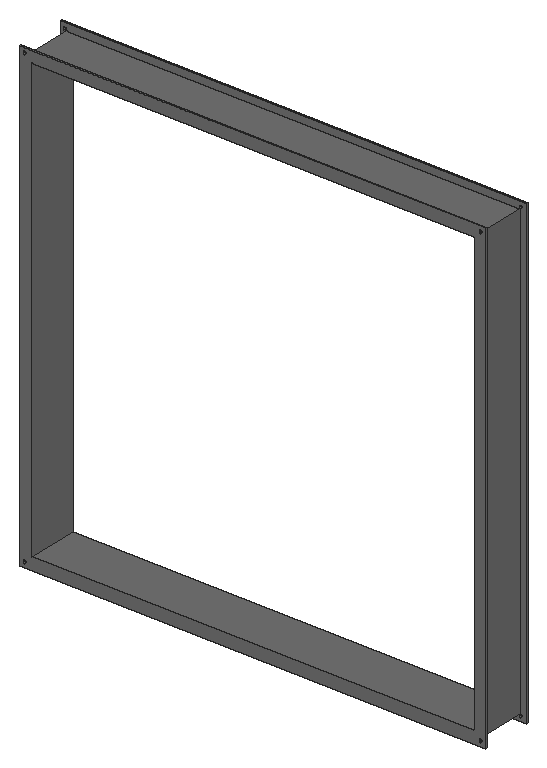
Revit family "19.Гибкая вставка ANR B1", category Оборудование, Revit 2016 (continued)
Definition of nested family "УГО гибкая вставка №25 (разрез)"
  Lines and regions (mm)
    model lines, not visible
      curve 159: line (-75, 0, 922) -> (75, 0, 797)
      curve 160: line (-75, 0, 822) -> (75, 0, 697)
      curve 161: line (-75, 0, 722) -> (75, 0, 597)
      curve 162: line (-75, 0, 622) -> (75, 0, 497)
      curve 163: line (-75, 0, 522) -> (75, 0, 397)
      curve 164: line (-75, 0, 422) -> (75, 0, 297)
      curve 165: line (-75, 0, 322) -> (75, 0, 197)
      curve 166: line (-75, 0, 222) -> (75, 0, 97)
      curve 167: line (-75, 0, 122) -> (75, 0, -3)
      curve 168: line (-75, 0, 1022) -> (75, 0, 897)
      curve 169: line (75, 0, 1322) -> (-75, 0, 1197)
      curve 170: line (75, 0, 1222) -> (-75, 0, 1097)
      curve 171: line (75, 0, 1122) -> (-75, 0, 997)
      curve 172: line (-75, 0, 1222) -> (75, 0, 1097)
      curve 173: line (-75, 0, 1122) -> (75, 0, 997)
      curve 174: line (-75, 0, 1322) -> (75, 0, 1197)
      curve 175: line (75, 0, 1522) -> (-75, 0, 1397)
      curve 176: line (75, 0, 1422) -> (-75, 0, 1297)
      curve 177: line (-75, 0, 1522) -> (75, 0, 1397)
      curve 178: line (-75, 0, 1422) -> (75, 0, 1297)
      curve 179: line (75, 0, 1822) -> (-75, 0, 1697)
      curve 180: line (75, 0, 1722) -> (-75, 0, 1597)
      curve 181: line (75, 0, 1622) -> (-75, 0, 1497)
      curve 182: line (-75, 0, 1722) -> (75, 0, 1597)
      curve 183: line (-75, 0, 1622) -> (75, 0, 1497)
      curve 184: line (-75, 0, 1822) -> (75, 0, 1697)
      curve 185: line (10.2, 0, 1968) -> (-75, 0, 1897)
      curve 186: line (75, 0, 1922) -> (-75, 0, 1797)
      curve 187: line (-10.2, 0, 1968) -> (75, 0, 1897)
      curve 188: line (-75, 0, 1922) -> (75, 0, 1797)
  Dimensions and locks
    equal spacing: plane 5, plane 3 "По центру (Влево/Вправо)", plane 6
    "длина": plane 5 to plane 6
    "высота": plane 4 to level
    equal spacing: plane 4, plane 7, plane 2
    aligned and locked: level to plane 2
  Automatic sketch dimensions
    curve 1 to level = 0 mm
    curve 1 to plane 6 = 0 mm
    curve 3 to plane 4 = 0 mm
    curve 3 to plane 5 = 0 mm
Definition of nested family "УГО гибкая вставка №30 (разрез)"
  Parameters (values of type "УГО гибкая вставка №30 (разрез)")
    длина [instance] = 150 mm
    высота [instance] = 1968 mm
    Ширина [instance] = 410 mm
    Частота вращения n, об/мин = ""
    Тип, марка, обозначение = ""
    Сила тока J, А = ""
    Раздел = ""
    Примечание = ""
    Позиция = ""
    Default Elevation = 1219.2 mm
    Напряжение U,В = ""
    Наименование и тех.хар-ка = ""
    Мощность двигателя N,Вт = ""
    Материал = none
    Масса единицы = ""
    Код, оборудования = ""
    Keynote = ""
    Завод изготовитель = ""
    Единица измерения = ""
    Диаметр = 110 mm
  Reference planes
    plane 1 "По центру (Вперед/Назад)": y = 0
    plane 2: z = 0
    plane 3 "По центру (Влево/Вправо)": x = 0
    plane 4: z = 1968
    plane 5: x = 75
    plane 6: x = -75
    plane 7: z = 984
  Lines and regions (mm)
    model lines
      curve 1: line (-75, 0, 0) -> (75, 0, 0)
      curve 2: line (-75, 0, 1968) -> (-75, 0, 0)
      curve 3: line (75, 0, 1968) -> (-75, 0, 1968)
      curve 4: line (75, 0, 0) -> (75, 0, 1968)
      curve 31: line (75, 0, 1022) -> (-75, 0, 897)
      curve 32: line (75, 0, 922) -> (-75, 0, 797)
      curve 33: line (75, 0, 822) -> (-75, 0, 697)
      curve 34: line (75, 0, 722) -> (-75, 0, 597)
      curve 35: line (75, 0, 622) -> (-75, 0, 497)
      curve 36: line (75, 0, 522) -> (-75, 0, 397)
      curve 37: line (75, 0, 422) -> (-75, 0, 297)
      curve 38: line (75, 0, 322) -> (-75, 0, 197)
      curve 39: line (75, 0, 222) -> (-75, 0, 97)
      curve 40: line (75, 0, 122) -> (-75, 0, -3)
      curve 41: line (-75, 0, 922) -> (75, 0, 797)
      curve 42: line (-75, 0, 822) -> (75, 0, 697)
      curve 43: line (-75, 0, 722) -> (75, 0, 597)
      curve 44: line (-75, 0, 622) -> (75, 0, 497)
      curve 45: line (-75, 0, 522) -> (75, 0, 397)
      curve 46: line (-75, 0, 422) -> (75, 0, 297)
      curve 47: line (-75, 0, 322) -> (75, 0, 197)
      curve 48: line (-75, 0, 222) -> (75, 0, 97)
      curve 49: line (-75, 0, 122) -> (75, 0, -3)
      curve 50: line (-75, 0, 1022) -> (75, 0, 897)
      curve 71: line (75, 0, 1322) -> (-75, 0, 1197)
      curve 72: line (75, 0, 1222) -> (-75, 0, 1097)
      curve 73: line (75, 0, 1122) -> (-75, 0, 997)
      curve 74: line (-75, 0, 1222) -> (75, 0, 1097)
      curve 75: line (-75, 0, 1122) -> (75, 0, 997)
      curve 76: line (-75, 0, 1322) -> (75, 0, 1197)
      curve 103: line (75, 0, 1522) -> (-75, 0, 1397)
      curve 104: line (75, 0, 1422) -> (-75, 0, 1297)
      curve 105: line (-75, 0, 1522) -> (75, 0, 1397)
      curve 106: line (-75, 0, 1422) -> (75, 0, 1297)
      curve 139: line (75, 0, 1822) -> (-75, 0, 1697)
      curve 140: line (75, 0, 1722) -> (-75, 0, 1597)
      curve 141: line (75, 0, 1622) -> (-75, 0, 1497)
      curve 142: line (-75, 0, 1722) -> (75, 0, 1597)
      curve 143: line (-75, 0, 1622) -> (75, 0, 1497)
      curve 144: line (-75, 0, 1822) -> (75, 0, 1697)
      curve 145: line (10.2, 0, 1968) -> (-75, 0, 1897)
      curve 146: line (75, 0, 1922) -> (-75, 0, 1797)
      curve 147: line (-10.2, 0, 1968) -> (75, 0, 1897)
      curve 148: line (-75, 0, 1922) -> (75, 0, 1797)
    model lines, not visible
      curve 5: line (63.964, 0, 624.61) -> (63.964, 0, 608.219)
      curve 6: line (63.964, 0, 608.219) -> (-88.681, 0, 555.659)
      curve 7: line (-88.681, 0, 555.659) -> (-88.681, 0, 524.267)
      curve 8: line (63.964, 0, 471.707) -> (-88.681, 0, 524.267)
      curve 9: line (63.964, 0, 471.707) -> (63.964, 0, 455.315)
      curve 10: line (63.964, 0, 455.315) -> (-88.681, 0, 402.755)
      curve 11: line (-88.681, 0, 402.755) -> (-88.681, 0, 371.363)
      curve 12: line (63.964, 0, 318.804) -> (-88.681, 0, 371.363)
      curve 13: line (63.964, 0, 318.804) -> (63.964, 0, 302.412)
      curve 14: line (63.964, 0, 302.412) -> (-88.681, 0, 249.852)
      curve 15: line (-88.681, 0, 249.852) -> (-88.681, 0, 218.46)
      curve 16: line (63.964, 0, 165.9) -> (-88.681, 0, 218.46)
      curve 17: line (63.964, 0, 165.9) -> (63.964, 0, 149.508)
      curve 18: line (63.964, 0, 149.508) -> (-88.681, 0, 96.948)
      curve 19: line (-88.681, 0, 96.948) -> (-88.681, 0, 65.557)
      curve 20: line (63.964, 0, 12.997) -> (-88.681, 0, 65.557)
      curve 21: circle (0, 0, 250) r 25 normal (0, -1, 0)
      curve 22: line (31.82, 0, 281.82) -> (-31.82, 0, 218.18)
      curve 23: circle (0, 0, 352.5) r 25 normal (0, -1, 0)
      curve 24: line (31.82, 0, 384.32) -> (-31.82, 0, 320.68)
      curve 25: circle (0, 0, 450) r 25 normal (0, -1, 0)
      curve 26: line (31.82, 0, 481.82) -> (-31.82, 0, 418.18)
      curve 27: circle (0, 0, 50.755) r 25 normal (0, -1, 0)
      curve 28: line (31.82, 0, 82.575) -> (-31.82, 0, 18.935)
      curve 29: circle (0, 0, 148.255) r 25 normal (0, -1, 0)
      curve 30: line (31.82, 0, 180.075) -> (-31.82, 0, 116.435)
      curve 51: line (75, 0, 1022) -> (-75, 0, 897)
      curve 52: line (75, 0, 922) -> (-75, 0, 797)
      curve 53: line (75, 0, 822) -> (-75, 0, 697)
      curve 54: line (75, 0, 722) -> (-75, 0, 597)
      curve 55: line (75, 0, 622) -> (-75, 0, 497)
      curve 56: line (75, 0, 522) -> (-75, 0, 397)
      curve 57: line (75, 0, 422) -> (-75, 0, 297)
      curve 58: line (75, 0, 322) -> (-75, 0, 197)
      curve 59: line (75, 0, 222) -> (-75, 0, 97)
      curve 60: line (75, 0, 122) -> (-75, 0, -3)
      curve 61: line (-75, 0, 922) -> (75, 0, 797)
      curve 62: line (-75, 0, 822) -> (75, 0, 697)
      curve 63: line (-75, 0, 722) -> (75, 0, 597)
      curve 64: line (-75, 0, 622) -> (75, 0, 497)
      curve 65: line (-75, 0, 522) -> (75, 0, 397)
      curve 66: line (-75, 0, 422) -> (75, 0, 297)
      curve 67: line (-75, 0, 322) -> (75, 0, 197)
      curve 68: line (-75, 0, 222) -> (75, 0, 97)
      curve 69: line (-75, 0, 122) -> (75, 0, -3)
      curve 70: line (-75, 0, 1022) -> (75, 0, 897)
      curve 77: line (75, 0, 1022) -> (-75, 0, 897)
      curve 78: line (75, 0, 922) -> (-75, 0, 797)
      curve 79: line (75, 0, 822) -> (-75, 0, 697)
      curve 80: line (75, 0, 722) -> (-75, 0, 597)
      curve 81: line (75, 0, 622) -> (-75, 0, 497)
      curve 82: line (75, 0, 522) -> (-75, 0, 397)
      curve 83: line (75, 0, 422) -> (-75, 0, 297)
      curve 84: line (75, 0, 322) -> (-75, 0, 197)
      curve 85: line (75, 0, 222) -> (-75, 0, 97)
      curve 86: line (75, 0, 122) -> (-75, 0, -3)
      curve 87: line (-75, 0, 922) -> (75, 0, 797)
      curve 88: line (-75, 0, 822) -> (75, 0, 697)
      curve 89: line (-75, 0, 722) -> (75, 0, 597)
      curve 90: line (-75, 0, 622) -> (75, 0, 497)
      curve 91: line (-75, 0, 522) -> (75, 0, 397)
      curve 92: line (-75, 0, 422) -> (75, 0, 297)
      curve 93: line (-75, 0, 322) -> (75, 0, 197)
      curve 94: line (-75, 0, 222) -> (75, 0, 97)
      curve 95: line (-75, 0, 122) -> (75, 0, -3)
      curve 96: line (-75, 0, 1022) -> (75, 0, 897)
      curve 97: line (75, 0, 1322) -> (-75, 0, 1197)
      curve 98: line (75, 0, 1222) -> (-75, 0, 1097)
      curve 99: line (75, 0, 1122) -> (-75, 0, 997)
      curve 100: line (-75, 0, 1222) -> (75, 0, 1097)
      curve 101: line (-75, 0, 1122) -> (75, 0, 997)
      curve 102: line (-75, 0, 1322) -> (75, 0, 1197)
      curve 107: line (75, 0, 1022) -> (-75, 0, 897)
      curve 108: line (75, 0, 922) -> (-75, 0, 797)
      curve 109: line (75, 0, 822) -> (-75, 0, 697)
      curve 110: line (75, 0, 722) -> (-75, 0, 597)
      curve 111: line (75, 0, 622) -> (-75, 0, 497)
      curve 112: line (75, 0, 522) -> (-75, 0, 397)
      curve 113: line (75, 0, 422) -> (-75, 0, 297)
      curve 114: line (75, 0, 322) -> (-75, 0, 197)
      curve 115: line (75, 0, 222) -> (-75, 0, 97)
      curve 116: line (75, 0, 122) -> (-75, 0, -3)
      curve 117: line (-75, 0, 922) -> (75, 0, 797)
      curve 118: line (-75, 0, 822) -> (75, 0, 697)
      curve 119: line (-75, 0, 722) -> (75, 0, 597)
      curve 120: line (-75, 0, 622) -> (75, 0, 497)
      curve 121: line (-75, 0, 522) -> (75, 0, 397)
      curve 122: line (-75, 0, 422) -> (75, 0, 297)
      curve 123: line (-75, 0, 322) -> (75, 0, 197)
      curve 124: line (-75, 0, 222) -> (75, 0, 97)
      curve 125: line (-75, 0, 122) -> (75, 0, -3)
      curve 126: line (-75, 0, 1022) -> (75, 0, 897)
      curve 127: line (75, 0, 1322) -> (-75, 0, 1197)
      curve 128: line (75, 0, 1222) -> (-75, 0, 1097)
      curve 129: line (75, 0, 1122) -> (-75, 0, 997)
      curve 130: line (-75, 0, 1222) -> (75, 0, 1097)
      curve 131: line (-75, 0, 1122) -> (75, 0, 997)
      curve 132: line (-75, 0, 1322) -> (75, 0, 1197)
      curve 133: line (27, 0, 1582) -> (-75, 0, 1497)
      curve 134: line (75, 0, 1522) -> (-75, 0, 1397)
      curve 135: line (75, 0, 1422) -> (-75, 0, 1297)
      curve 136: line (-75, 0, 1522) -> (75, 0, 1397)
      curve 137: line (-75, 0, 1422) -> (75, 0, 1297)
      curve 138: line (-27, 0, 1582) -> (75, 0, 1497)
      curve 149: line (75, 0, 1022) -> (-75, 0, 897)
      curve 150: line (75, 0, 922) -> (-75, 0, 797)
      curve 151: line (75, 0, 822) -> (-75, 0, 697)
      curve 152: line (75, 0, 722) -> (-75, 0, 597)
      curve 153: line (75, 0, 622) -> (-75, 0, 497)
      curve 154: line (75, 0, 522) -> (-75, 0, 397)
      curve 155: line (75, 0, 422) -> (-75, 0, 297)
      curve 156: line (75, 0, 322) -> (-75, 0, 197)
      curve 157: line (75, 0, 222) -> (-75, 0, 97)
      curve 158: line (75, 0, 122) -> (-75, 0, -3)
      curve 159: line (-75, 0, 922) -> (75, 0, 797)
      curve 160: line (-75, 0, 822) -> (75, 0, 697)
      curve 161: line (-75, 0, 722) -> (75, 0, 597)
      curve 162: line (-75, 0, 622) -> (75, 0, 497)
      curve 163: line (-75, 0, 522) -> (75, 0, 397)
      curve 164: line (-75, 0, 422) -> (75, 0, 297)
      curve 165: line (-75, 0, 322) -> (75, 0, 197)
      curve 166: line (-75, 0, 222) -> (75, 0, 97)
      curve 167: line (-75, 0, 122) -> (75, 0, -3)
      curve 168: line (-75, 0, 1022) -> (75, 0, 897)
      curve 169: line (75, 0, 1322) -> (-75, 0, 1197)
      curve 170: line (75, 0, 1222) -> (-75, 0, 1097)
      curve 171: line (75, 0, 1122) -> (-75, 0, 997)
      curve 172: line (-75, 0, 1222) -> (75, 0, 1097)
      curve 173: line (-75, 0, 1122) -> (75, 0, 997)
      curve 174: line (-75, 0, 1322) -> (75, 0, 1197)
      curve 175: line (75, 0, 1522) -> (-75, 0, 1397)
      curve 176: line (75, 0, 1422) -> (-75, 0, 1297)
      curve 177: line (-75, 0, 1522) -> (75, 0, 1397)
      curve 178: line (-75, 0, 1422) -> (75, 0, 1297)
      curve 179: line (75, 0, 1822) -> (-75, 0, 1697)
      curve 180: line (75, 0, 1722) -> (-75, 0, 1597)
      curve 181: line (75, 0, 1622) -> (-75, 0, 1497)
      curve 182: line (-75, 0, 1722) -> (75, 0, 1597)
      curve 183: line (-75, 0, 1622) -> (75, 0, 1497)
      curve 184: line (-75, 0, 1822) -> (75, 0, 1697)
      curve 185: line (10.2, 0, 1968) -> (-75, 0, 1897)
      curve 186: line (75, 0, 1922) -> (-75, 0, 1797)
      curve 187: line (-10.2, 0, 1968) -> (75, 0, 1897)
      curve 188: line (-75, 0, 1922) -> (75, 0, 1797)
  Dimensions and locks
    equal spacing: plane 5, plane 3 "По центру (Влево/Вправо)", plane 6
    "длина": plane 5 to plane 6
    "высота": plane 4 to level
    equal spacing: plane 4, plane 7, plane 2
    aligned and locked: level to plane 2
  Automatic sketch dimensions
    curve 1 to level = 0 mm
    curve 1 to plane 6 = 0 mm
    curve 3 to plane 4 = 0 mm
    curve 3 to plane 5 = 0 mm
Definition of nested family "УГО гибкая вставка №35 (разрез)"
  Parameters (values of type "УГО гибкая вставка №35 (разрез)")
    длина [instance] = 150 mm
    высота [instance] = 2408 mm
    Ширина [instance] = 410 mm
    Частота вращения n, об/мин = ""
    Тип, марка, обозначение = ""
    Сила тока J, А = ""
    Раздел = ""
    Примечание = ""
    Позиция = ""
    Default Elevation = 1219.2 mm
    Напряжение U,В = ""
    Наименование и тех.хар-ка = ""
    Мощность двигателя N,Вт = ""
    Материал = none
    Масса единицы = ""
    Код, оборудования = ""
    Keynote = ""
    Завод изготовитель = ""
    Единица измерения = ""
    Диаметр = 110 mm
  Reference planes
    plane 1 "По центру (Вперед/Назад)": y = 0
    plane 2: z = 0
    plane 3 "По центру (Влево/Вправо)": x = 0
    plane 4: z = 2408
    plane 5: x = 75
    plane 6: x = -75
    plane 7: z = 1204
  Lines and regions (mm)
    model lines
      curve 1: line (-75, 0, 0) -> (75, 0, 0)
      curve 2: line (-75, 0, 2408) -> (-75, 0, 0)
      curve 3: line (75, 0, 2408) -> (-75, 0, 2408)
      curve 4: line (75, 0, 0) -> (75, 0, 2408)
      curve 31: line (75, 0, 1022) -> (-75, 0, 897)
      curve 32: line (75, 0, 922) -> (-75, 0, 797)
      curve 33: line (75, 0, 822) -> (-75, 0, 697)
      curve 34: line (75, 0, 722) -> (-75, 0, 597)
      curve 35: line (75, 0, 622) -> (-75, 0, 497)
      curve 36: line (75, 0, 522) -> (-75, 0, 397)
      curve 37: line (75, 0, 422) -> (-75, 0, 297)
      curve 38: line (75, 0, 322) -> (-75, 0, 197)
      curve 39: line (75, 0, 222) -> (-75, 0, 97)
      curve 40: line (75, 0, 122) -> (-75, 0, -3)
      curve 41: line (-75, 0, 922) -> (75, 0, 797)
      curve 42: line (-75, 0, 822) -> (75, 0, 697)
      curve 43: line (-75, 0, 722) -> (75, 0, 597)
      curve 44: line (-75, 0, 622) -> (75, 0, 497)
      curve 45: line (-75, 0, 522) -> (75, 0, 397)
      curve 46: line (-75, 0, 422) -> (75, 0, 297)
      curve 47: line (-75, 0, 322) -> (75, 0, 197)
      curve 48: line (-75, 0, 222) -> (75, 0, 97)
      curve 49: line (-75, 0, 122) -> (75, 0, -3)
      curve 50: line (-75, 0, 1022) -> (75, 0, 897)
      curve 71: line (75, 0, 1322) -> (-75, 0, 1197)
      curve 72: line (75, 0, 1222) -> (-75, 0, 1097)
      curve 73: line (75, 0, 1122) -> (-75, 0, 997)
      curve 74: line (-75, 0, 1222) -> (75, 0, 1097)
      curve 75: line (-75, 0, 1122) -> (75, 0, 997)
      curve 76: line (-75, 0, 1322) -> (75, 0, 1197)
      curve 103: line (75, 0, 1522) -> (-75, 0, 1397)
      curve 104: line (75, 0, 1422) -> (-75, 0, 1297)
      curve 105: line (-75, 0, 1522) -> (75, 0, 1397)
      curve 106: line (-75, 0, 1422) -> (75, 0, 1297)
      curve 139: line (75, 0, 1822) -> (-75, 0, 1697)
      curve 140: line (75, 0, 1722) -> (-75, 0, 1597)
      curve 141: line (75, 0, 1622) -> (-75, 0, 1497)
      curve 142: line (-75, 0, 1722) -> (75, 0, 1597)
      curve 143: line (-75, 0, 1622) -> (75, 0, 1497)
      curve 144: line (-75, 0, 1822) -> (75, 0, 1697)
      curve 145: line (75, 0, 1922) -> (-75, 0, 1797)
      curve 146: line (-75, 0, 1922) -> (75, 0, 1797)
      curve 185: line (75, 0, 2022) -> (-75, 0, 1897)
      curve 186: line (-75, 0, 2022) -> (75, 0, 1897)
      curve 187: line (75, 0, 2122) -> (-75, 0, 1997)
      curve 188: line (-75, 0, 2122) -> (75, 0, 1997)
      curve 189: line (75, 0, 2222) -> (-75, 0, 2097)
      curve 190: line (-75, 0, 2222) -> (75, 0, 2097)
      curve 191: line (75, 0, 2322) -> (-75, 0, 2197)
      curve 192: line (-75, 0, 2322) -> (75, 0, 2197)
      curve 193: line (58.2, 0, 2408) -> (-75, 0, 2297)
      curve 194: line (-58.2, 0, 2408) -> (75, 0, 2297)
    model lines, not visible
      curve 5: line (63.964, 0, 624.61) -> (63.964, 0, 608.219)
      curve 6: line (63.964, 0, 608.219) -> (-88.681, 0, 555.659)
      curve 7: line (-88.681, 0, 555.659) -> (-88.681, 0, 524.267)
      curve 8: line (63.964, 0, 471.707) -> (-88.681, 0, 524.267)
      curve 9: line (63.964, 0, 471.707) -> (63.964, 0, 455.315)
      curve 10: line (63.964, 0, 455.315) -> (-88.681, 0, 402.755)
      curve 11: line (-88.681, 0, 402.755) -> (-88.681, 0, 371.363)
      curve 12: line (63.964, 0, 318.804) -> (-88.681, 0, 371.363)
      curve 13: line (63.964, 0, 318.804) -> (63.964, 0, 302.412)
      curve 14: line (63.964, 0, 302.412) -> (-88.681, 0, 249.852)
      curve 15: line (-88.681, 0, 249.852) -> (-88.681, 0, 218.46)
      curve 16: line (63.964, 0, 165.9) -> (-88.681, 0, 218.46)
      curve 17: line (63.964, 0, 165.9) -> (63.964, 0, 149.508)
      curve 18: line (63.964, 0, 149.508) -> (-88.681, 0, 96.948)
      curve 19: line (-88.681, 0, 96.948) -> (-88.681, 0, 65.557)
      curve 20: line (63.964, 0, 12.997) -> (-88.681, 0, 65.557)
      curve 21: circle (0, 0, 250) r 25 normal (0, -1, 0)
      curve 22: line (31.82, 0, 281.82) -> (-31.82, 0, 218.18)
      curve 23: circle (0, 0, 352.5) r 25 normal (0, -1, 0)
      curve 24: line (31.82, 0, 384.32) -> (-31.82, 0, 320.68)
      curve 25: circle (0, 0, 450) r 25 normal (0, -1, 0)
      curve 26: line (31.82, 0, 481.82) -> (-31.82, 0, 418.18)
      curve 27: circle (0, 0, 50.755) r 25 normal (0, -1, 0)
      curve 28: line (31.82, 0, 82.575) -> (-31.82, 0, 18.935)
      curve 29: circle (0, 0, 148.255) r 25 normal (0, -1, 0)
      curve 30: line (31.82, 0, 180.075) -> (-31.82, 0, 116.435)
      curve 51: line (75, 0, 1022) -> (-75, 0, 897)
      curve 52: line (75, 0, 922) -> (-75, 0, 797)
      curve 53: line (75, 0, 822) -> (-75, 0, 697)
      curve 54: line (75, 0, 722) -> (-75, 0, 597)
      curve 55: line (75, 0, 622) -> (-75, 0, 497)
      curve 56: line (75, 0, 522) -> (-75, 0, 397)
      curve 57: line (75, 0, 422) -> (-75, 0, 297)
      curve 58: line (75, 0, 322) -> (-75, 0, 197)
      curve 59: line (75, 0, 222) -> (-75, 0, 97)
      curve 60: line (75, 0, 122) -> (-75, 0, -3)
      curve 61: line (-75, 0, 922) -> (75, 0, 797)
      curve 62: line (-75, 0, 822) -> (75, 0, 697)
      curve 63: line (-75, 0, 722) -> (75, 0, 597)
      curve 64: line (-75, 0, 622) -> (75, 0, 497)
      curve 65: line (-75, 0, 522) -> (75, 0, 397)
      curve 66: line (-75, 0, 422) -> (75, 0, 297)
      curve 67: line (-75, 0, 322) -> (75, 0, 197)
      curve 68: line (-75, 0, 222) -> (75, 0, 97)
      curve 69: line (-75, 0, 122) -> (75, 0, -3)
      curve 70: line (-75, 0, 1022) -> (75, 0, 897)
      curve 77: line (75, 0, 1022) -> (-75, 0, 897)
      curve 78: line (75, 0, 922) -> (-75, 0, 797)
      curve 79: line (75, 0, 822) -> (-75, 0, 697)
      curve 80: line (75, 0, 722) -> (-75, 0, 597)
      curve 81: line (75, 0, 622) -> (-75, 0, 497)
      curve 82: line (75, 0, 522) -> (-75, 0, 397)
      curve 83: line (75, 0, 422) -> (-75, 0, 297)
      curve 84: line (75, 0, 322) -> (-75, 0, 197)
      curve 85: line (75, 0, 222) -> (-75, 0, 97)
      curve 86: line (75, 0, 122) -> (-75, 0, -3)
      curve 87: line (-75, 0, 922) -> (75, 0, 797)
      curve 88: line (-75, 0, 822) -> (75, 0, 697)
      curve 89: line (-75, 0, 722) -> (75, 0, 597)
      curve 90: line (-75, 0, 622) -> (75, 0, 497)
      curve 91: line (-75, 0, 522) -> (75, 0, 397)
      curve 92: line (-75, 0, 422) -> (75, 0, 297)
      curve 93: line (-75, 0, 322) -> (75, 0, 197)
      curve 94: line (-75, 0, 222) -> (75, 0, 97)
      curve 95: line (-75, 0, 122) -> (75, 0, -3)
      curve 96: line (-75, 0, 1022) -> (75, 0, 897)
      curve 97: line (75, 0, 1322) -> (-75, 0, 1197)
      curve 98: line (75, 0, 1222) -> (-75, 0, 1097)
      curve 99: line (75, 0, 1122) -> (-75, 0, 997)
      curve 100: line (-75, 0, 1222) -> (75, 0, 1097)
      curve 101: line (-75, 0, 1122) -> (75, 0, 997)
      curve 102: line (-75, 0, 1322) -> (75, 0, 1197)
      curve 107: line (75, 0, 1022) -> (-75, 0, 897)
      curve 108: line (75, 0, 922) -> (-75, 0, 797)
      curve 109: line (75, 0, 822) -> (-75, 0, 697)
      curve 110: line (75, 0, 722) -> (-75, 0, 597)
      curve 111: line (75, 0, 622) -> (-75, 0, 497)
      curve 112: line (75, 0, 522) -> (-75, 0, 397)
      curve 113: line (75, 0, 422) -> (-75, 0, 297)
      curve 114: line (75, 0, 322) -> (-75, 0, 197)
      curve 115: line (75, 0, 222) -> (-75, 0, 97)
      curve 116: line (75, 0, 122) -> (-75, 0, -3)
      curve 117: line (-75, 0, 922) -> (75, 0, 797)
      curve 118: line (-75, 0, 822) -> (75, 0, 697)
      curve 119: line (-75, 0, 722) -> (75, 0, 597)
      curve 120: line (-75, 0, 622) -> (75, 0, 497)
      curve 121: line (-75, 0, 522) -> (75, 0, 397)
      curve 122: line (-75, 0, 422) -> (75, 0, 297)
      curve 123: line (-75, 0, 322) -> (75, 0, 197)
      curve 124: line (-75, 0, 222) -> (75, 0, 97)
      curve 125: line (-75, 0, 122) -> (75, 0, -3)
      curve 126: line (-75, 0, 1022) -> (75, 0, 897)
      curve 127: line (75, 0, 1322) -> (-75, 0, 1197)
      curve 128: line (75, 0, 1222) -> (-75, 0, 1097)
      curve 129: line (75, 0, 1122) -> (-75, 0, 997)
      curve 130: line (-75, 0, 1222) -> (75, 0, 1097)
      curve 131: line (-75, 0, 1122) -> (75, 0, 997)
      curve 132: line (-75, 0, 1322) -> (75, 0, 1197)
      curve 133: line (27, 0, 1582) -> (-75, 0, 1497)
      curve 134: line (75, 0, 1522) -> (-75, 0, 1397)
      curve 135: line (75, 0, 1422) -> (-75, 0, 1297)
      curve 136: line (-75, 0, 1522) -> (75, 0, 1397)
      curve 137: line (-75, 0, 1422) -> (75, 0, 1297)
      curve 138: line (-27, 0, 1582) -> (75, 0, 1497)
      curve 147: line (75, 0, 1022) -> (-75, 0, 897)
      curve 148: line (75, 0, 922) -> (-75, 0, 797)
      curve 149: line (75, 0, 822) -> (-75, 0, 697)
      curve 150: line (75, 0, 722) -> (-75, 0, 597)
      curve 151: line (75, 0, 622) -> (-75, 0, 497)
      curve 152: line (75, 0, 522) -> (-75, 0, 397)
      curve 153: line (75, 0, 422) -> (-75, 0, 297)
      curve 154: line (75, 0, 322) -> (-75, 0, 197)
      curve 155: line (75, 0, 222) -> (-75, 0, 97)
      curve 156: line (75, 0, 122) -> (-75, 0, -3)
      curve 157: line (-75, 0, 922) -> (75, 0, 797)
      curve 158: line (-75, 0, 822) -> (75, 0, 697)
      curve 159: line (-75, 0, 722) -> (75, 0, 597)
      curve 160: line (-75, 0, 622) -> (75, 0, 497)
      curve 161: line (-75, 0, 522) -> (75, 0, 397)
      curve 162: line (-75, 0, 422) -> (75, 0, 297)
      curve 163: line (-75, 0, 322) -> (75, 0, 197)
      curve 164: line (-75, 0, 222) -> (75, 0, 97)
      curve 165: line (-75, 0, 122) -> (75, 0, -3)
      curve 166: line (-75, 0, 1022) -> (75, 0, 897)
      curve 167: line (75, 0, 1322) -> (-75, 0, 1197)
      curve 168: line (75, 0, 1222) -> (-75, 0, 1097)
      curve 169: line (75, 0, 1122) -> (-75, 0, 997)
      curve 170: line (-75, 0, 1222) -> (75, 0, 1097)
      curve 171: line (-75, 0, 1122) -> (75, 0, 997)
      curve 172: line (-75, 0, 1322) -> (75, 0, 1197)
      curve 173: line (75, 0, 1522) -> (-75, 0, 1397)
      curve 174: line (75, 0, 1422) -> (-75, 0, 1297)
      curve 175: line (-75, 0, 1522) -> (75, 0, 1397)
      curve 176: line (-75, 0, 1422) -> (75, 0, 1297)
      curve 177: line (75, 0, 1822) -> (-75, 0, 1697)
      curve 178: line (75, 0, 1722) -> (-75, 0, 1597)
      curve 179: line (75, 0, 1622) -> (-75, 0, 1497)
      curve 180: line (-75, 0, 1722) -> (75, 0, 1597)
      curve 181: line (-75, 0, 1622) -> (75, 0, 1497)
      curve 182: line (-75, 0, 1822) -> (75, 0, 1697)
      curve 183: line (75, 0, 1922) -> (-75, 0, 1797)
      curve 184: line (-75, 0, 1922) -> (75, 0, 1797)
      curve 195: line (75, 0, 2022) -> (-75, 0, 1897)
      curve 196: line (-75, 0, 2022) -> (75, 0, 1897)
      curve 197: line (75, 0, 2122) -> (-75, 0, 1997)
      curve 198: line (-75, 0, 2122) -> (75, 0, 1997)
      curve 199: line (75, 0, 2222) -> (-75, 0, 2097)
      curve 200: line (-75, 0, 2222) -> (75, 0, 2097)
      curve 201: line (75, 0, 2322) -> (-75, 0, 2197)
      curve 202: line (-75, 0, 2322) -> (75, 0, 2197)
      curve 203: line (58.2, 0, 2408) -> (-75, 0, 2297)
      curve 204: line (-58.2, 0, 2408) -> (75, 0, 2297)
  Dimensions and locks
    equal spacing: plane 5, plane 3 "По центру (Влево/Вправо)", plane 6
    "длина": plane 5 to plane 6
    "высота": plane 4 to level
    equal spacing: plane 4, plane 7, plane 2
    aligned and locked: level to plane 2
  Automatic sketch dimensions
    curve 1 to level = 0 mm
    curve 1 to plane 6 = 0 mm
    curve 3 to plane 4 = 0 mm
    curve 3 to plane 5 = 0 mm
    curve 75 to curve 31 = 0 mm
    curve 193 to curve 75 = 0 mm
    curve 31 to curve 32 = 0 mm
    curve 192 to curve 193 = 0 mm
    curve 32 to curve 33 = 0 mm
    curve 193 to curve 191 = 0 mm
    curve 33 to curve 34 = 0 mm
    curve 190 to curve 191 = 0 mm
    curve 34 to curve 35 = 0 mm
    curve 191 to curve 189 = 0 mm
    curve 35 to curve 36 = 0 mm
    curve 188 to curve 189 = 0 mm
    curve 36 to curve 37 = 0 mm
    curve 189 to curve 187 = 0 mm  (x2)
    curve 37 to curve 38 = 0 mm
    curve 186 to curve 187 = 0 mm
    curve 38 to curve 39 = 0 mm
    curve 187 to curve 185 = 0 mm  (x2)
    curve 39 to curve 40 = 0 mm
    curve 41 to curve 31 = 0 mm
    curve 146 to curve 185 = 0 mm
    curve 42 to curve 32 = 0 mm
    curve 185 to curve 145 = 0 mm  (x2)
    curve 43 to curve 33 = 0 mm
    curve 144 to curve 145 = 0 mm
    curve 44 to curve 34 = 0 mm
    curve 145 to curve 143 = 0 mm
    curve 45 to curve 35 = 0 mm
    curve 145 to curve 142 = 0 mm
    curve 46 to curve 36 = 0 mm
    curve 143 to curve 141 = 0 mm
    curve 47 to curve 37 = 0 mm
    curve 143 to curve 140 = 0 mm
    curve 48 to curve 38 = 0 mm
    curve 142 to curve 139 = 0 mm
    curve 49 to curve 39 = 0 mm
    curve 141 to curve 106 = 0 mm
    curve 50 to curve 41 = 0 mm
    curve 105 to curve 141 = 0 mm
    curve 106 to curve 104 = 0 mm
    curve 71 to curve 75 = 0 mm
    curve 106 to curve 103 = 0 mm
    curve 75 to curve 72 = 0 mm
    curve 76 to curve 104 = 0 mm
    curve 50 to curve 73 = 0 mm
    curve 74 to curve 71 = 0 mm
    curve 192 to curve 194 = 16.8 mm
    curve 194 to curve 193 = 116.4 mm
    curve 73 to curve 75 = 150 mm
    curve 73 to curve 75 = 0 mm
    curve 76 to curve 73 = 0 mm
    curve 105 to curve 103 = 150 mm
    curve 72 to curve 76 = 0 mm
    curve 103 to curve 104 = 0 mm
    curve 71 to curve 72 = 0 mm
    curve 75 to curve 50 = 0 mm
    curve 104 to curve 105 = 0 mm
    curve 40 to curve 49 = 150 mm
    curve 71 to curve 106 = 0 mm
    curve 144 to curve 139 = 150 mm
    curve 48 to curve 49 = 0 mm
    curve 139 to curve 140 = 0 mm
    curve 47 to curve 48 = 0 mm
    curve 140 to curve 141 = 0 mm
    curve 46 to curve 47 = 0 mm
    curve 45 to curve 46 = 0 mm
    curve 141 to curve 142 = 0 mm
    curve 44 to curve 45 = 0 mm
    curve 103 to curve 143 = 0 mm
    curve 43 to curve 44 = 0 mm
    curve 140 to curve 144 = 0 mm
    curve 145 to curve 139 = 0 mm
    curve 42 to curve 43 = 0 mm
    curve 41 to curve 42 = 0 mm
    curve 139 to curve 146 = 0 mm
    curve 40 to curve 48 = 0 mm
    curve 39 to curve 47 = 0 mm
    curve 145 to curve 186 = 0 mm
    curve 38 to curve 46 = 0 mm
    curve 37 to curve 45 = 0 mm
    curve 185 to curve 188 = 0 mm
    curve 36 to curve 44 = 0 mm
    curve 35 to curve 43 = 0 mm
    curve 187 to curve 190 = 0 mm
    curve 193 to curve 191 = 16.8 mm
    curve 34 to curve 42 = 0 mm
    curve 33 to curve 41 = 0 mm
    curve 189 to curve 192 = 0 mm
    curve 31 to curve 75 = 0 mm
    curve 32 to curve 50 = 0 mm
    curve 73 to curve 74 = 0 mm
    curve 191 to curve 194 = 0 mm
    curve 40 to curve 49 = 0 mm
    curve 40 to curve 39 = 100 mm
    curve 49 to curve 48 = 100 mm
    curve 48 to curve 40 = 25 mm
    curve 39 to curve 49 = 25 mm
    curve 40 to curve 47 = 75 mm
    curve 49 to curve 38 = 75 mm
    curve 38 to curve 48 = 25 mm
    curve 47 to curve 39 = 25 mm
    curve 39 to curve 46 = 75 mm
    curve 48 to curve 37 = 75 mm
    curve 37 to curve 47 = 25 mm
    curve 46 to curve 38 = 25 mm
    curve 47 to curve 36 = 75 mm
    curve 38 to curve 45 = 75 mm
    curve 45 to curve 37 = 25 mm
    curve 36 to curve 46 = 25 mm
    curve 46 to curve 35 = 75 mm
    curve 37 to curve 44 = 75 mm
    curve 44 to curve 36 = 25 mm
    curve 35 to curve 45 = 25 mm
    curve 36 to curve 43 = 75 mm
    curve 45 to curve 34 = 75 mm
    curve 34 to curve 44 = 25 mm
    curve 43 to curve 35 = 25 mm
    curve 44 to curve 33 = 75 mm
    curve 35 to curve 42 = 75 mm
    curve 33 to curve 43 = 25 mm
    curve 42 to curve 34 = 25 mm
    curve 43 to curve 32 = 75 mm
    curve 34 to curve 41 = 75 mm
    curve 41 to curve 33 = 25 mm
    curve 32 to curve 42 = 25 mm
    curve 33 to curve 50 = 75 mm
    curve 42 to curve 31 = 75 mm
    curve 50 to curve 32 = 25 mm
    curve 31 to curve 41 = 25 mm
    curve 32 to curve 75 = 75 mm
    curve 41 to curve 73 = 75 mm
    curve 75 to curve 31 = 25 mm
    curve 73 to curve 50 = 25 mm
    curve 50 to curve 72 = 75 mm
    curve 31 to curve 74 = 75 mm
    curve 74 to curve 73 = 25 mm
    curve 72 to curve 75 = 25 mm
    curve 75 to curve 71 = 75 mm
    curve 73 to curve 76 = 75 mm
    curve 76 to curve 72 = 25 mm
    curve 71 to curve 74 = 25 mm
    curve 72 to curve 106 = 75 mm
    curve 74 to curve 104 = 75 mm
    curve 106 to curve 71 = 25 mm
    curve 104 to curve 76 = 25 mm
    curve 71 to curve 105 = 75 mm
    curve 76 to curve 103 = 75 mm
    curve 105 to curve 104 = 25 mm
    curve 103 to curve 106 = 25 mm
    curve 106 to curve 141 = 75 mm
    curve 104 to curve 143 = 75 mm
    curve 143 to curve 103 = 25 mm
    curve 141 to curve 105 = 25 mm
    curve 105 to curve 140 = 75 mm
    curve 103 to curve 142 = 75 mm
    curve 140 to curve 143 = 25 mm
    curve 142 to curve 141 = 25 mm
    curve 141 to curve 144 = 75 mm
    curve 143 to curve 139 = 75 mm
    curve 144 to curve 140 = 25 mm
    curve 139 to curve 142 = 25 mm
    curve 140 to curve 146 = 75 mm
    curve 142 to curve 145 = 75 mm
    curve 146 to curve 139 = 25 mm
    curve 145 to curve 144 = 25 mm
    curve 144 to curve 185 = 75 mm
    curve 139 to curve 186 = 75 mm
    curve 185 to curve 146 = 25 mm
    curve 186 to curve 145 = 25 mm
    curve 145 to curve 188 = 75 mm
    curve 146 to curve 187 = 75 mm
    curve 187 to curve 186 = 25 mm
    curve 188 to curve 185 = 25 mm
    curve 185 to curve 190 = 75 mm
    curve 186 to curve 189 = 75 mm
    curve 190 to curve 187 = 25 mm
    curve 189 to curve 188 = 25 mm
    curve 188 to curve 191 = 75 mm
    curve 187 to curve 192 = 75 mm
    curve 191 to curve 190 = 25 mm
    curve 192 to curve 189 = 25 mm
    curve 189 to curve 194 = 75 mm
    curve 190 to curve 193 = 75 mm
    curve 194 to curve 191 = 25 mm
    curve 193 to curve 192 = 25 mm
    curve 192 to curve 194 = 86 mm
    curve 191 to curve 193 = 86 mm
    curve 171 to curve 147 = 0 mm
    curve 203 to curve 171 = 0 mm
    curve 147 to curve 148 = 0 mm
    curve 202 to curve 203 = 0 mm
    curve 148 to curve 149 = 0 mm
    curve 203 to curve 201 = 0 mm
    curve 149 to curve 150 = 0 mm
    curve 200 to curve 201 = 0 mm
    curve 150 to curve 151 = 0 mm
    curve 201 to curve 199 = 0 mm
    curve 151 to curve 152 = 0 mm
    curve 198 to curve 199 = 0 mm
    curve 152 to curve 153 = 0 mm
    curve 199 to curve 197 = 0 mm  (x2)
    curve 153 to curve 154 = 0 mm
    curve 196 to curve 197 = 0 mm
    curve 154 to curve 155 = 0 mm
    curve 197 to curve 195 = 0 mm  (x2)
    curve 155 to curve 156 = 0 mm
    curve 157 to curve 147 = 0 mm
    curve 184 to curve 195 = 0 mm
    curve 158 to curve 148 = 0 mm
    curve 195 to curve 183 = 0 mm  (x2)
    curve 159 to curve 149 = 0 mm
    curve 182 to curve 183 = 0 mm
    curve 160 to curve 150 = 0 mm
    curve 183 to curve 181 = 0 mm
    curve 161 to curve 151 = 0 mm
    curve 183 to curve 180 = 0 mm
    curve 162 to curve 152 = 0 mm
    curve 181 to curve 179 = 0 mm
    curve 163 to curve 153 = 0 mm
    curve 181 to curve 178 = 0 mm
    curve 164 to curve 154 = 0 mm
    curve 180 to curve 177 = 0 mm
    curve 165 to curve 155 = 0 mm
    curve 179 to curve 176 = 0 mm
    curve 166 to curve 157 = 0 mm
    curve 175 to curve 179 = 0 mm
    curve 176 to curve 174 = 0 mm
    curve 167 to curve 171 = 0 mm
    curve 176 to curve 173 = 0 mm
    curve 171 to curve 168 = 0 mm
    curve 172 to curve 174 = 0 mm
    curve 166 to curve 169 = 0 mm
    curve 170 to curve 167 = 0 mm
    curve 202 to curve 204 = 16.8 mm
    curve 204 to curve 203 = 116.4 mm
    curve 169 to curve 171 = 150 mm
    curve 169 to curve 171 = 0 mm
    curve 172 to curve 169 = 0 mm
    curve 175 to curve 173 = 150 mm
    curve 168 to curve 172 = 0 mm
    curve 173 to curve 174 = 0 mm
    curve 167 to curve 168 = 0 mm
    curve 171 to curve 166 = 0 mm
    curve 174 to curve 175 = 0 mm
    curve 156 to curve 165 = 150 mm
    curve 167 to curve 176 = 0 mm
    curve 182 to curve 177 = 150 mm
    curve 164 to curve 165 = 0 mm
    curve 177 to curve 178 = 0 mm
    curve 163 to curve 164 = 0 mm
    curve 178 to curve 179 = 0 mm
    curve 162 to curve 163 = 0 mm
    curve 161 to curve 162 = 0 mm
    curve 179 to curve 180 = 0 mm
    curve 160 to curve 161 = 0 mm
    curve 173 to curve 181 = 0 mm
    curve 159 to curve 160 = 0 mm
    curve 178 to curve 182 = 0 mm
    curve 183 to curve 177 = 0 mm
    curve 158 to curve 159 = 0 mm
    curve 157 to curve 158 = 0 mm
    curve 177 to curve 184 = 0 mm
    curve 156 to curve 164 = 0 mm
    curve 155 to curve 163 = 0 mm
    curve 183 to curve 196 = 0 mm
    curve 154 to curve 162 = 0 mm
    curve 153 to curve 161 = 0 mm
    curve 195 to curve 198 = 0 mm
    curve 152 to curve 160 = 0 mm
    curve 151 to curve 159 = 0 mm
    curve 197 to curve 200 = 0 mm
    curve 203 to curve 201 = 16.8 mm
    curve 150 to curve 158 = 0 mm
    curve 149 to curve 157 = 0 mm
    curve 199 to curve 202 = 0 mm
    curve 147 to curve 171 = 0 mm
    curve 148 to curve 166 = 0 mm
    curve 169 to curve 170 = 0 mm
    curve 201 to curve 204 = 0 mm
    curve 156 to curve 165 = 0 mm
    curve 156 to curve 155 = 100 mm
    curve 165 to curve 164 = 100 mm
    curve 164 to curve 156 = 25 mm
    curve 155 to curve 165 = 25 mm
    curve 156 to curve 163 = 75 mm
    curve 165 to curve 154 = 75 mm
    curve 154 to curve 164 = 25 mm
    curve 163 to curve 155 = 25 mm
    curve 155 to curve 162 = 75 mm
    curve 164 to curve 153 = 75 mm
    curve 153 to curve 163 = 25 mm
    curve 162 to curve 154 = 25 mm
    curve 163 to curve 152 = 75 mm
    curve 154 to curve 161 = 75 mm
    curve 161 to curve 153 = 25 mm
    curve 152 to curve 162 = 25 mm
    curve 162 to curve 151 = 75 mm
    curve 153 to curve 160 = 75 mm
    curve 160 to curve 152 = 25 mm
    curve 151 to curve 161 = 25 mm
    curve 152 to curve 159 = 75 mm
    curve 161 to curve 150 = 75 mm
    curve 150 to curve 160 = 25 mm
    curve 159 to curve 151 = 25 mm
    curve 160 to curve 149 = 75 mm
    curve 151 to curve 158 = 75 mm
    curve 149 to curve 159 = 25 mm
    curve 158 to curve 150 = 25 mm
    curve 159 to curve 148 = 75 mm
    curve 150 to curve 157 = 75 mm
    curve 157 to curve 149 = 25 mm
    curve 148 to curve 158 = 25 mm
    curve 149 to curve 166 = 75 mm
    curve 158 to curve 147 = 75 mm
    curve 166 to curve 148 = 25 mm
    curve 147 to curve 157 = 25 mm
    curve 148 to curve 171 = 75 mm
    curve 157 to curve 169 = 75 mm
    curve 171 to curve 147 = 25 mm
    curve 169 to curve 166 = 25 mm
    curve 166 to curve 168 = 75 mm
    curve 147 to curve 170 = 75 mm
    curve 170 to curve 169 = 25 mm
    curve 168 to curve 171 = 25 mm
    curve 171 to curve 167 = 75 mm
    curve 169 to curve 172 = 75 mm
    curve 172 to curve 168 = 25 mm
    curve 167 to curve 170 = 25 mm
    curve 168 to curve 176 = 75 mm
    curve 170 to curve 174 = 75 mm
    curve 176 to curve 167 = 25 mm
    curve 174 to curve 172 = 25 mm
    curve 167 to curve 175 = 75 mm
    curve 172 to curve 173 = 75 mm
    curve 175 to curve 174 = 25 mm
    curve 173 to curve 176 = 25 mm
    curve 176 to curve 179 = 75 mm
    curve 174 to curve 181 = 75 mm
    curve 181 to curve 173 = 25 mm
    curve 179 to curve 175 = 25 mm
    curve 175 to curve 178 = 75 mm
    curve 173 to curve 180 = 75 mm
    curve 178 to curve 181 = 25 mm
    curve 180 to curve 179 = 25 mm
    curve 179 to curve 182 = 75 mm
    curve 181 to curve 177 = 75 mm
    curve 182 to curve 178 = 25 mm
    curve 177 to curve 180 = 25 mm
    curve 178 to curve 184 = 75 mm
    curve 180 to curve 183 = 75 mm
    curve 184 to curve 177 = 25 mm
    curve 183 to curve 182 = 25 mm
    curve 182 to curve 195 = 75 mm
    curve 177 to curve 196 = 75 mm
    curve 195 to curve 184 = 25 mm
    curve 196 to curve 183 = 25 mm
    curve 183 to curve 198 = 75 mm
    curve 184 to curve 197 = 75 mm
    curve 197 to curve 196 = 25 mm
    curve 198 to curve 195 = 25 mm
    curve 195 to curve 200 = 75 mm
    curve 196 to curve 199 = 75 mm
    curve 200 to curve 197 = 25 mm
    curve 199 to curve 198 = 25 mm
    curve 198 to curve 201 = 75 mm
    curve 197 to curve 202 = 75 mm
    curve 201 to curve 200 = 25 mm
    curve 202 to curve 199 = 25 mm
    curve 199 to curve 204 = 75 mm
    curve 200 to curve 203 = 75 mm
    curve 204 to curve 201 = 25 mm
    curve 203 to curve 202 = 25 mm
    curve 202 to curve 204 = 86 mm
    curve 201 to curve 203 = 86 mm
Definition of nested family "УГО гибкая вставка №40 (разрез)"
  Parameters (values of type "УГО гибкая вставка №40 (разрез)")
    длина [instance] = 150 mm
    высота [instance] = 3398 mm
    Ширина [instance] = 410 mm
    Частота вращения n, об/мин = ""
    Тип, марка, обозначение = ""
    Сила тока J, А = ""
    Раздел = ""
    Примечание = ""
    Позиция = ""
    Default Elevation = 1219.2 mm
    Напряжение U,В = ""
    Наименование и тех.хар-ка = ""
    Мощность двигателя N,Вт = ""
    Материал = none
    Масса единицы = ""
    Код, оборудования = ""
    Keynote = ""
    Завод изготовитель = ""
    Единица измерения = ""
    Диаметр = 110 mm
  Reference planes
    plane 1 "По центру (Вперед/Назад)": y = 0
    plane 2: z = 0
    plane 3 "По центру (Влево/Вправо)": x = 0
    plane 4: z = 3398
    plane 5: x = 75
    plane 6: x = -75
    plane 7: z = 1699
  Lines and regions (mm)
    model lines
      curve 1: line (-75, 0, 0) -> (75, 0, 0)
      curve 2: line (-75, 0, 3398) -> (-75, 0, 0)
      curve 3: line (75, 0, 3398) -> (-75, 0, 3398)
      curve 4: line (75, 0, 0) -> (75, 0, 3398)
      curve 31: line (75, 0, 1022) -> (-75, 0, 897)
      curve 32: line (75, 0, 922) -> (-75, 0, 797)
      curve 33: line (75, 0, 822) -> (-75, 0, 697)
      curve 34: line (75, 0, 722) -> (-75, 0, 597)
      curve 35: line (75, 0, 622) -> (-75, 0, 497)
      curve 36: line (75, 0, 522) -> (-75, 0, 397)
      curve 37: line (75, 0, 422) -> (-75, 0, 297)
      curve 38: line (75, 0, 322) -> (-75, 0, 197)
      curve 39: line (75, 0, 222) -> (-75, 0, 97)
      curve 40: line (75, 0, 122) -> (-75, 0, -3)
      curve 41: line (-75, 0, 922) -> (75, 0, 797)
      curve 42: line (-75, 0, 822) -> (75, 0, 697)
      curve 43: line (-75, 0, 722) -> (75, 0, 597)
      curve 44: line (-75, 0, 622) -> (75, 0, 497)
      curve 45: line (-75, 0, 522) -> (75, 0, 397)
      curve 46: line (-75, 0, 422) -> (75, 0, 297)
      curve 47: line (-75, 0, 322) -> (75, 0, 197)
      curve 48: line (-75, 0, 222) -> (75, 0, 97)
      curve 49: line (-75, 0, 122) -> (75, 0, -3)
      curve 50: line (-75, 0, 1022) -> (75, 0, 897)
      curve 71: line (75, 0, 1322) -> (-75, 0, 1197)
      curve 72: line (75, 0, 1222) -> (-75, 0, 1097)
      curve 73: line (75, 0, 1122) -> (-75, 0, 997)
      curve 74: line (-75, 0, 1222) -> (75, 0, 1097)
      curve 75: line (-75, 0, 1122) -> (75, 0, 997)
      curve 76: line (-75, 0, 1322) -> (75, 0, 1197)
      curve 103: line (75, 0, 1522) -> (-75, 0, 1397)
      curve 104: line (75, 0, 1422) -> (-75, 0, 1297)
      curve 105: line (-75, 0, 1522) -> (75, 0, 1397)
      curve 106: line (-75, 0, 1422) -> (75, 0, 1297)
      curve 139: line (75, 0, 1822) -> (-75, 0, 1697)
      curve 140: line (75, 0, 1722) -> (-75, 0, 1597)
      curve 141: line (75, 0, 1622) -> (-75, 0, 1497)
      curve 142: line (-75, 0, 1722) -> (75, 0, 1597)
      curve 143: line (-75, 0, 1622) -> (75, 0, 1497)
      curve 144: line (-75, 0, 1822) -> (75, 0, 1697)
      curve 145: line (75, 0, 1922) -> (-75, 0, 1797)
      curve 146: line (-75, 0, 1922) -> (75, 0, 1797)
      curve 185: line (75, 0, 2022) -> (-75, 0, 1897)
      curve 186: line (-75, 0, 2022) -> (75, 0, 1897)
      curve 187: line (75, 0, 2122) -> (-75, 0, 1997)
      curve 188: line (-75, 0, 2122) -> (75, 0, 1997)
      curve 189: line (75, 0, 2222) -> (-75, 0, 2097)
      curve 190: line (-75, 0, 2222) -> (75, 0, 2097)
      curve 191: line (75, 0, 2322) -> (-75, 0, 2197)
      curve 192: line (-75, 0, 2322) -> (75, 0, 2197)
      curve 201: line (75, 0, 2422) -> (-75, 0, 2297)
      curve 202: line (-75, 0, 2422) -> (75, 0, 2297)
      curve 203: line (75, 0, 2522) -> (-75, 0, 2397)
      curve 204: line (-75, 0, 2522) -> (75, 0, 2397)
      curve 205: line (75, 0, 2622) -> (-75, 0, 2497)
      curve 206: line (-75, 0, 2622) -> (75, 0, 2497)
      curve 207: line (75, 0, 2722) -> (-75, 0, 2597)
      curve 208: line (-75, 0, 2722) -> (75, 0, 2597)
      curve 209: line (75, 0, 2822) -> (-75, 0, 2697)
      curve 210: line (-75, 0, 2822) -> (75, 0, 2697)
      curve 211: line (75, 0, 2922) -> (-75, 0, 2797)
      curve 212: line (-75, 0, 2922) -> (75, 0, 2797)
      curve 213: line (75, 0, 3022) -> (-75, 0, 2897)
      curve 214: line (-75, 0, 3022) -> (75, 0, 2897)
      curve 215: line (75, 0, 3122) -> (-75, 0, 2997)
      curve 216: line (-75, 0, 3122) -> (75, 0, 2997)
      curve 217: line (75, 0, 3222) -> (-75, 0, 3097)
      curve 218: line (-75, 0, 3222) -> (75, 0, 3097)
      curve 219: line (75, 0, 3322) -> (-75, 0, 3197)
      curve 220: line (-75, 0, 3322) -> (75, 0, 3197)
      curve 221: line (46.2, 0, 3398) -> (-75, 0, 3297)
      curve 222: line (-46.2, 0, 3398) -> (75, 0, 3297)
    model lines, not visible
      curve 5: line (63.964, 0, 624.61) -> (63.964, 0, 608.219)
      curve 6: line (63.964, 0, 608.219) -> (-88.681, 0, 555.659)
      curve 7: line (-88.681, 0, 555.659) -> (-88.681, 0, 524.267)
      curve 8: line (63.964, 0, 471.707) -> (-88.681, 0, 524.267)
      curve 9: line (63.964, 0, 471.707) -> (63.964, 0, 455.315)
      curve 10: line (63.964, 0, 455.315) -> (-88.681, 0, 402.755)
      curve 11: line (-88.681, 0, 402.755) -> (-88.681, 0, 371.363)
      curve 12: line (63.964, 0, 318.804) -> (-88.681, 0, 371.363)
      curve 13: line (63.964, 0, 318.804) -> (63.964, 0, 302.412)
      curve 14: line (63.964, 0, 302.412) -> (-88.681, 0, 249.852)
      curve 15: line (-88.681, 0, 249.852) -> (-88.681, 0, 218.46)
      curve 16: line (63.964, 0, 165.9) -> (-88.681, 0, 218.46)
      curve 17: line (63.964, 0, 165.9) -> (63.964, 0, 149.508)
      curve 18: line (63.964, 0, 149.508) -> (-88.681, 0, 96.948)
      curve 19: line (-88.681, 0, 96.948) -> (-88.681, 0, 65.557)
      curve 20: line (63.964, 0, 12.997) -> (-88.681, 0, 65.557)
      curve 21: circle (0, 0, 250) r 25 normal (0, -1, 0)
      curve 22: line (31.82, 0, 281.82) -> (-31.82, 0, 218.18)
      curve 23: circle (0, 0, 352.5) r 25 normal (0, -1, 0)
      curve 24: line (31.82, 0, 384.32) -> (-31.82, 0, 320.68)
      curve 25: circle (0, 0, 450) r 25 normal (0, -1, 0)
      curve 26: line (31.82, 0, 481.82) -> (-31.82, 0, 418.18)
      curve 27: circle (0, 0, 50.755) r 25 normal (0, -1, 0)
      curve 28: line (31.82, 0, 82.575) -> (-31.82, 0, 18.935)
      curve 29: circle (0, 0, 148.255) r 25 normal (0, -1, 0)
      curve 30: line (31.82, 0, 180.075) -> (-31.82, 0, 116.435)
      curve 51: line (75, 0, 1022) -> (-75, 0, 897)
      curve 52: line (75, 0, 922) -> (-75, 0, 797)
      curve 53: line (75, 0, 822) -> (-75, 0, 697)
      curve 54: line (75, 0, 722) -> (-75, 0, 597)
      curve 55: line (75, 0, 622) -> (-75, 0, 497)
      curve 56: line (75, 0, 522) -> (-75, 0, 397)
      curve 57: line (75, 0, 422) -> (-75, 0, 297)
      curve 58: line (75, 0, 322) -> (-75, 0, 197)
      curve 59: line (75, 0, 222) -> (-75, 0, 97)
      curve 60: line (75, 0, 122) -> (-75, 0, -3)
      curve 61: line (-75, 0, 922) -> (75, 0, 797)
      curve 62: line (-75, 0, 822) -> (75, 0, 697)
      curve 63: line (-75, 0, 722) -> (75, 0, 597)
      curve 64: line (-75, 0, 622) -> (75, 0, 497)
      curve 65: line (-75, 0, 522) -> (75, 0, 397)
      curve 66: line (-75, 0, 422) -> (75, 0, 297)
      curve 67: line (-75, 0, 322) -> (75, 0, 197)
      curve 68: line (-75, 0, 222) -> (75, 0, 97)
      curve 69: line (-75, 0, 122) -> (75, 0, -3)
      curve 70: line (-75, 0, 1022) -> (75, 0, 897)
      curve 77: line (75, 0, 1022) -> (-75, 0, 897)
      curve 78: line (75, 0, 922) -> (-75, 0, 797)
      curve 79: line (75, 0, 822) -> (-75, 0, 697)
      curve 80: line (75, 0, 722) -> (-75, 0, 597)
      curve 81: line (75, 0, 622) -> (-75, 0, 497)
      curve 82: line (75, 0, 522) -> (-75, 0, 397)
      curve 83: line (75, 0, 422) -> (-75, 0, 297)
      curve 84: line (75, 0, 322) -> (-75, 0, 197)
      curve 85: line (75, 0, 222) -> (-75, 0, 97)
      curve 86: line (75, 0, 122) -> (-75, 0, -3)
      curve 87: line (-75, 0, 922) -> (75, 0, 797)
      curve 88: line (-75, 0, 822) -> (75, 0, 697)
      curve 89: line (-75, 0, 722) -> (75, 0, 597)
      curve 90: line (-75, 0, 622) -> (75, 0, 497)
      curve 91: line (-75, 0, 522) -> (75, 0, 397)
      curve 92: line (-75, 0, 422) -> (75, 0, 297)
      curve 93: line (-75, 0, 322) -> (75, 0, 197)
      curve 94: line (-75, 0, 222) -> (75, 0, 97)
      curve 95: line (-75, 0, 122) -> (75, 0, -3)
      curve 96: line (-75, 0, 1022) -> (75, 0, 897)
      curve 97: line (75, 0, 1322) -> (-75, 0, 1197)
      curve 98: line (75, 0, 1222) -> (-75, 0, 1097)
      curve 99: line (75, 0, 1122) -> (-75, 0, 997)
      curve 100: line (-75, 0, 1222) -> (75, 0, 1097)
      curve 101: line (-75, 0, 1122) -> (75, 0, 997)
      curve 102: line (-75, 0, 1322) -> (75, 0, 1197)
      curve 107: line (75, 0, 1022) -> (-75, 0, 897)
      curve 108: line (75, 0, 922) -> (-75, 0, 797)
      curve 109: line (75, 0, 822) -> (-75, 0, 697)
      curve 110: line (75, 0, 722) -> (-75, 0, 597)
      curve 111: line (75, 0, 622) -> (-75, 0, 497)
      curve 112: line (75, 0, 522) -> (-75, 0, 397)
      curve 113: line (75, 0, 422) -> (-75, 0, 297)
      curve 114: line (75, 0, 322) -> (-75, 0, 197)
      curve 115: line (75, 0, 222) -> (-75, 0, 97)
      curve 116: line (75, 0, 122) -> (-75, 0, -3)
      curve 117: line (-75, 0, 922) -> (75, 0, 797)
      curve 118: line (-75, 0, 822) -> (75, 0, 697)
      curve 119: line (-75, 0, 722) -> (75, 0, 597)
      curve 120: line (-75, 0, 622) -> (75, 0, 497)
      curve 121: line (-75, 0, 522) -> (75, 0, 397)
      curve 122: line (-75, 0, 422) -> (75, 0, 297)
      curve 123: line (-75, 0, 322) -> (75, 0, 197)
      curve 124: line (-75, 0, 222) -> (75, 0, 97)
      curve 125: line (-75, 0, 122) -> (75, 0, -3)
      curve 126: line (-75, 0, 1022) -> (75, 0, 897)
      curve 127: line (75, 0, 1322) -> (-75, 0, 1197)
      curve 128: line (75, 0, 1222) -> (-75, 0, 1097)
      curve 129: line (75, 0, 1122) -> (-75, 0, 997)
      curve 130: line (-75, 0, 1222) -> (75, 0, 1097)
      curve 131: line (-75, 0, 1122) -> (75, 0, 997)
      curve 132: line (-75, 0, 1322) -> (75, 0, 1197)
      curve 133: line (27, 0, 1582) -> (-75, 0, 1497)
      curve 134: line (75, 0, 1522) -> (-75, 0, 1397)
      curve 135: line (75, 0, 1422) -> (-75, 0, 1297)
      curve 136: line (-75, 0, 1522) -> (75, 0, 1397)
      curve 137: line (-75, 0, 1422) -> (75, 0, 1297)
      curve 138: line (-27, 0, 1582) -> (75, 0, 1497)
      curve 147: line (75, 0, 1022) -> (-75, 0, 897)
      curve 148: line (75, 0, 922) -> (-75, 0, 797)
      curve 149: line (75, 0, 822) -> (-75, 0, 697)
      curve 150: line (75, 0, 722) -> (-75, 0, 597)
      curve 151: line (75, 0, 622) -> (-75, 0, 497)
      curve 152: line (75, 0, 522) -> (-75, 0, 397)
      curve 153: line (75, 0, 422) -> (-75, 0, 297)
      curve 154: line (75, 0, 322) -> (-75, 0, 197)
      curve 155: line (75, 0, 222) -> (-75, 0, 97)
      curve 156: line (75, 0, 122) -> (-75, 0, -3)
      curve 157: line (-75, 0, 922) -> (75, 0, 797)
      curve 158: line (-75, 0, 822) -> (75, 0, 697)
      curve 159: line (-75, 0, 722) -> (75, 0, 597)
      curve 160: line (-75, 0, 622) -> (75, 0, 497)
      curve 161: line (-75, 0, 522) -> (75, 0, 397)
      curve 162: line (-75, 0, 422) -> (75, 0, 297)
      curve 163: line (-75, 0, 322) -> (75, 0, 197)
      curve 164: line (-75, 0, 222) -> (75, 0, 97)
      curve 165: line (-75, 0, 122) -> (75, 0, -3)
      curve 166: line (-75, 0, 1022) -> (75, 0, 897)
      curve 167: line (75, 0, 1322) -> (-75, 0, 1197)
      curve 168: line (75, 0, 1222) -> (-75, 0, 1097)
      curve 169: line (75, 0, 1122) -> (-75, 0, 997)
      curve 170: line (-75, 0, 1222) -> (75, 0, 1097)
      curve 171: line (-75, 0, 1122) -> (75, 0, 997)
      curve 172: line (-75, 0, 1322) -> (75, 0, 1197)
      curve 173: line (75, 0, 1522) -> (-75, 0, 1397)
      curve 174: line (75, 0, 1422) -> (-75, 0, 1297)
      curve 175: line (-75, 0, 1522) -> (75, 0, 1397)
      curve 176: line (-75, 0, 1422) -> (75, 0, 1297)
      curve 177: line (75, 0, 1822) -> (-75, 0, 1697)
      curve 178: line (75, 0, 1722) -> (-75, 0, 1597)
      curve 179: line (75, 0, 1622) -> (-75, 0, 1497)
      curve 180: line (-75, 0, 1722) -> (75, 0, 1597)
      curve 181: line (-75, 0, 1622) -> (75, 0, 1497)
      curve 182: line (-75, 0, 1822) -> (75, 0, 1697)
      curve 183: line (75, 0, 1922) -> (-75, 0, 1797)
      curve 184: line (-75, 0, 1922) -> (75, 0, 1797)
      curve 193: line (75, 0, 2022) -> (-75, 0, 1897)
      curve 194: line (-75, 0, 2022) -> (75, 0, 1897)
      curve 195: line (75, 0, 2122) -> (-75, 0, 1997)
      curve 196: line (-75, 0, 2122) -> (75, 0, 1997)
      curve 197: line (75, 0, 2222) -> (-75, 0, 2097)
      curve 198: line (-75, 0, 2222) -> (75, 0, 2097)
      curve 199: line (75, 0, 2322) -> (-75, 0, 2197)
      curve 200: line (-75, 0, 2322) -> (75, 0, 2197)
      curve 223: line (75, 0, 2422) -> (-75, 0, 2297)
      curve 224: line (-75, 0, 2422) -> (75, 0, 2297)
      curve 225: line (75, 0, 2522) -> (-75, 0, 2397)
      curve 226: line (-75, 0, 2522) -> (75, 0, 2397)
      curve 227: line (75, 0, 2622) -> (-75, 0, 2497)
      curve 228: line (-75, 0, 2622) -> (75, 0, 2497)
      curve 229: line (75, 0, 2722) -> (-75, 0, 2597)
      curve 230: line (-75, 0, 2722) -> (75, 0, 2597)
      curve 231: line (75, 0, 2822) -> (-75, 0, 2697)
      curve 232: line (-75, 0, 2822) -> (75, 0, 2697)
      curve 233: line (75, 0, 2922) -> (-75, 0, 2797)
      curve 234: line (-75, 0, 2922) -> (75, 0, 2797)
      curve 235: line (75, 0, 3022) -> (-75, 0, 2897)
      curve 236: line (-75, 0, 3022) -> (75, 0, 2897)
      curve 237: line (75, 0, 3122) -> (-75, 0, 2997)
      curve 238: line (-75, 0, 3122) -> (75, 0, 2997)
      curve 239: line (75, 0, 3222) -> (-75, 0, 3097)
      curve 240: line (-75, 0, 3222) -> (75, 0, 3097)
      curve 241: line (75, 0, 3322) -> (-75, 0, 3197)
      curve 242: line (-75, 0, 3322) -> (75, 0, 3197)
      curve 243: line (46.2, 0, 3398) -> (-75, 0, 3297)
      curve 244: line (-46.2, 0, 3398) -> (75, 0, 3297)
  Dimensions and locks
    equal spacing: plane 5, plane 3 "По центру (Влево/Вправо)", plane 6
    "длина": plane 5 to plane 6
    "высота": plane 4 to level
    equal spacing: plane 4, plane 7, plane 2
    aligned and locked: level to plane 2
  Automatic sketch dimensions
    curve 1 to level = 0 mm
    curve 1 to plane 6 = 0 mm
    curve 3 to plane 4 = 0 mm
    curve 3 to plane 5 = 0 mm
    curve 143 to curve 31 = 0 mm
    curve 221 to curve 143 = 0 mm
    curve 31 to curve 32 = 0 mm
    curve 220 to curve 221 = 0 mm
    curve 32 to curve 33 = 0 mm
    curve 221 to curve 219 = 0 mm
    curve 33 to curve 34 = 0 mm
    curve 218 to curve 219 = 0 mm
    curve 34 to curve 35 = 0 mm
    curve 219 to curve 217 = 0 mm
    curve 35 to curve 36 = 0 mm
    curve 216 to curve 217 = 0 mm
    curve 36 to curve 37 = 0 mm
    curve 217 to curve 215 = 0 mm  (x2)
    curve 37 to curve 38 = 0 mm
    curve 214 to curve 215 = 0 mm
    curve 38 to curve 39 = 0 mm
    curve 215 to curve 213 = 0 mm  (x2)
